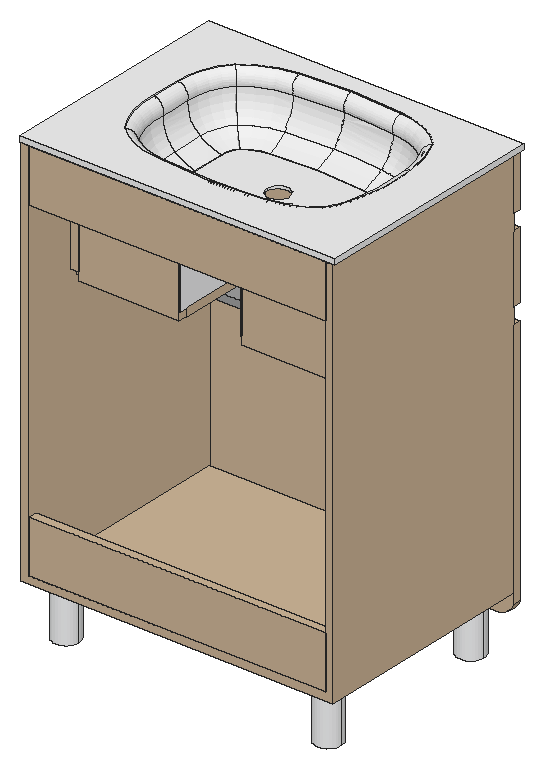
Revit family "604401711_Mueble Aluvia Miel 60x45", category Generic Models, host Wall, Revit 2019
Family settings
  Host = Wall
  Can host rebar = No
  Round Connector Dimension = Use Diameter
  Part Type = Normal
  OmniClass Number = 23.31.13.11
  OmniClass Title = Single Sinks
  Always vertical = Yes
  Cut with Voids When Loaded = No
  Shared = No
  Room Calculation Point = No
Parameters (values of type "Ref. 604401711 Mueble Aluvia Miel Con Lavamanos.")
  URL = "https://corona.co/productos/muebles-para-banos/mueble-aluvia-a-piso/p/604401711"
  Tiempo de Armado = "80 Minutos."  # constant formula
  Textura = "Habano: Poro - Gris: Soft."  # constant formula
  Resistencia al rayado = "700 ciclos."  # constant formula
  Resistencia a la humedad = "8%."  # constant formula
  Profundidad = 445 mm
  Peso Neto aprox = "46,7 lb (21,2 kg)."  # constant formula
  Peso Bruto aprox = "49,4 lb (22,4 kg)."  # constant formula
  Material patas = Corona_Acero
  Material Piezas interiores = Corona_Madera_Aglomerada_Plomo
  Material Pieza en U = Corona_Acero
  Material = Corona_Madera_Aglomerada_Miel
  Manufacturer = "Corona"  # constant formula
  Garantía Madera = "1 año"  # constant formula
  Garantía Herrajes = "1 año"  # constant formula
  Fecha de creación = "21/07/2020"  # constant formula
  Dimensiones Generales (H* W * P) = "33,46” x 23,43” x 17,52” (850 x 595 x 445 mm)."  # constant formula
  Description = "La línea ALUVIA viene a entregar de manera asequible una solución perfecta que combina\r\ndiseño y funcionalidad, ALUVIA se inspira en el movimiento y caída del agua en la\r\nnaturaleza, es por ello de sus formas orgánicas donde podemos obtener un producto\r\ncompacto y de líneas fluidas, que se adapta en espacios pequeños.\r\n· Mueble compacto para espacios pequeños.\r\n· Lavamanos 100% en porcelana.\r\n· Grán capacidad de almacenamiento.\r\n· Resistentes a la Humedad."  # constant formula
  Densidad = "15mm 670 kg./m^3."  # constant formula
  Creado por = "IDD"  # constant formula
  Carga Máxima = "110,2 lb (50 kg)."  # constant formula
  Canto = "PVC rígido 2 mm de calibre.\r\nPVC Flexible 0,5 mm de calibre."  # constant formula
  Ancho = 595 mm
  Alto = 850 mm
Types (3, lengths in mm): name | URL | Material patas | Material Piezas interiores | Material Pieza en U | Material
  Type 1 | "https://corona.co/productos/muebles-para-banos/mueble-aluvia-a-piso/p/604406091" | none | none | none | none
  Ref. 604406091 Mueble Aluvia Habano Con Lavamanos. | "https://corona.co/productos/muebles-para-banos/mueble-aluvia-a-piso/p/604406091" | Corona_Acero | Corona_Madera_Aglomerada_Plomo | Corona_Acero | Corona_Madera_Aglomerada_Habano
  Ref. 604401711 Mueble Aluvia Miel Con Lavamanos. | "https://corona.co/productos/muebles-para-banos/mueble-aluvia-a-piso/p/604401711" | Corona_Acero | Corona_Madera_Aglomerada_Plomo | Corona_Acero | Corona_Madera_Aglomerada_Miel
Reference planes
  plane 1 "Wall": y = 0
  plane 2 "Center (Left/Right)": x = 125
  plane 3 "Back": y = 75
  plane 4: y = 520
  plane 5: x = -172.5
  plane 6: x = 422.5
  plane 7: z = 850
  plane 8: z = 749
  plane 9: z = 719
  plane 10: z = 589
  plane 11: z = 559
  plane 12: z = 59
  plane 13: y = 505
  plane 14: z = 100
  plane 15: x = 407.5
  plane 16: x = -157.5
  plane 17: z = 115
  plane 18: y = 495
  plane 19: z = 320
  plane 20: z = 335
  plane 21: z = 475
  plane 22: z = 490
  plane 23: z = 594
  plane 24: y = 170
  plane 25: y = 155
  plane 26: x = 392.5
  plane 27: x = -142.5
  plane 28: x = -127.5
  plane 29: x = 377.5
  plane 30: z = 609
  plane 31: z = 695
  plane 32: x = 185
  plane 33: x = 65
  plane 34: z = 98
Forms (mm)
  Extrusion 1, solid, material "Corona_Madera_Aglomerada_Miel" <- "Material", detail levels medium+fine
    sketch origin (125, 0, 0) x (0, 1, 0) y (0, 0, 1)
      loop
        line (505, 850) -> (505, 749) -> (520, 749) -> (520, 850) -> (505, 850)
      loop
        line (505, 589) -> (520, 589) -> (520, 719) -> (505, 719) -> (505, 589)
    from -297.5 to 297.5
  Extrusion 2, solid, material "Corona_Madera_Aglomerada_Miel" <- "Material", detail levels medium+fine
    sketch origin (0, 0, 0) x (1, 0, 0) y (0, 0, 1)
      loop
        line (422.5, 100) -> (422.5, 850) -> (-172.5, 850) -> (-172.5, 100) -> (422.5, 100)
    from -505 to -75
  Extrusion 3, void, detail levels medium+fine
    sketch origin (0, 0, 0) x (1, 0, 0) y (0, 0, 1)
      loop
        line (407.5, 850) -> (-157.5, 850) -> (-157.5, 115) -> (407.5, 115) -> (407.5, 850)
    from -505 to -75
  Extrusion 4, solid, material "Corona_Madera_Aglomerada_Miel" <- "Material", detail levels medium+fine
    sketch origin (125, 0, 0) x (0, 1, 0) y (0, 0, 1)
      loop
        line (90, 850) -> (75, 850) -> (75, 749) -> (90, 749) -> (90, 850)
    from -282.5 to 282.5
  Extrusion 5, solid, material "Corona_Madera_Aglomerada_Miel" <- "Material", detail levels medium+fine
    sketch origin (125, 0, -660) x (0, 1, 0) y (0, 0, 1)
      loop
        line (90, 876) -> (75, 876) -> (75, 775) -> (90, 775) -> (90, 876)
    from -282.5 to 282.5
  Extrusion 6, solid, material "Corona_Madera_Aglomerada_Plomo" <- "Material Piezas interiores", detail levels medium+fine
    sketch origin (125, 0, 0) x (0, 1, 0) y (0, 0, 1)
      loop
        line (505, 475) -> (505, 490) -> (404, 490) -> (404, 475) -> (505, 475)
    from -282.5 to 282.5
  Extrusion 7, solid, material "Corona_Madera_Aglomerada_Plomo" <- "Material Piezas interiores", detail levels medium+fine
    sketch origin (125, 5, 962.8) x (0, 0, -1) y (0, 1, 0)
      loop
        line (472.8, 475) -> (472.8, 490) -> (373.8, 490) -> (373.8, 475) -> (472.8, 475)
    from -282.5 to 282.5
  Extrusion 8, solid, material "Corona_Madera_Aglomerada_Miel" <- "Material", detail levels medium+fine
    sketch origin (125, 0, 0) x (0, 1, 0) y (0, 0, 1)
      loop
        line (505, 594) -> (505, 609) -> (170, 609) -> (170, 594) -> (505, 594)
    from -267.5 to 267.5
  Extrusion 9, solid, material "Corona_Madera_Aglomerada_Miel" <- "Material", detail levels medium+fine
    sketch origin (125, 0, 0) x (0, 1, 0) y (0, 0, 1)
      loop
        line (170, 594) -> (170, 695) -> (155, 695) -> (155, 594) -> (170, 594)
    from 60 to 252.5
  Extrusion 10, solid, material "Corona_Madera_Aglomerada_Miel" <- "Material", detail levels medium+fine
    sketch origin (125, 0, 0) x (0, 1, 0) y (0, 0, 1)
      loop
        line (155, 609) -> (505, 609) -> (505, 695) -> (155, 695) -> (155, 609)
    from 252.5 to 267.5
  Extrusion 11, solid, material "Corona_Madera_Aglomerada_Miel" <- "Material", detail levels medium+fine
    sketch origin (-142.5, 0, 0) x (0, 1, 0) y (0, 0, 1)
      loop
        line (155, 609) -> (505, 609) -> (505, 695) -> (155, 695) -> (155, 609)
    from 0 to 15
  Extrusion 12, solid, material "Corona_Madera_Aglomerada_Miel" <- "Material", detail levels medium+fine
    sketch origin (0, 0, 0) x (1, 0, 0) y (0, 0, 1)
      loop
        line (125, 559) -> (125, 59) -> (395.244, 59)
        arc (395.244, 59) -> (412.182, 65.204) -> (422.5, 80) r 30
        line (422.5, 80) -> (422.5, 559) -> (125, 559)
    from -520 to -505
  Extrusion 13, solid, material "Corona_Madera_Aglomerada_Miel" <- "Material", detail levels medium+fine
    sketch origin (250, 0, 0) x (-1, 0, 0) y (0, 0, -1)
      loop
        line (125, -559) -> (422.5, -559) -> (422.5, -80)
        arc (422.5, -80) -> (412.182, -65.204) -> (395.244, -59) r 30
        line (395.244, -59) -> (125, -59) -> (125, -559)
    from -520 to -505
  Extrusion 14, solid, material "Corona_Acero" <- "Material patas", detail levels medium+fine
    sketch origin (0, 0, 0) x (1, 0, 0) y (0, 1, 0)
      loop
        line (342.5, 90) -> (407.5, 90) -> (407.5, 155) -> (342.5, 155) -> (342.5, 90)
      loop
        line (-92.5, 90) -> (-92.5, 155) -> (-157.5, 155) -> (-157.5, 90) -> (-92.5, 90)
      loop
        line (342.5, 430) -> (407.5, 430) -> (407.5, 495) -> (342.5, 495) -> (342.5, 430)
      loop
        line (-92.5, 430) -> (-92.5, 495) -> (-157.5, 495) -> (-157.5, 430) -> (-92.5, 430)
    from 98 to 100
  Extrusion 15, solid, material "Corona_Acero" <- "Material patas", detail levels medium+fine
    sketch origin (0, 0, 0) x (1, 0, 0) y (0, 1, 0)
      loop
        circle (-125, 462.5) r 25
      loop
        circle (375, 462.5) r 25
      loop
        circle (-125, 122.5) r 25
      loop
        circle (375, 122.5) r 25
    from 0 to 98
  Extrusion 16, solid, material "Corona_Madera_Aglomerada_Plomo" <- "Material Piezas interiores", detail levels medium+fine
    sketch origin (125, 5, 1167.8) x (0, 0, -1) y (0, 1, 0)
      loop
        line (472.8, 475) -> (472.8, 490) -> (373.8, 490) -> (373.8, 475) -> (472.8, 475)
    from -282.5 to 282.5
  Extrusion 17, solid, material "Corona_Madera_Aglomerada_Miel" <- "Material", detail levels medium+fine
    sketch origin (-55, 0, 0) x (0, 1, 0) y (0, 0, 1)
      loop
        line (170, 594) -> (170, 695) -> (155, 695) -> (155, 594) -> (170, 594)
    from -72.5 to 120
  Extrusion 18, solid, material "Corona_Acero" <- "Material Pieza en U", detail levels medium+fine
    sketch origin (0, 0, 0) x (1, 0, 0) y (0, 1, 0)
      loop
        line (65, 354) -> (65, 155) -> (67, 155) -> (67, 354)
        arc (67, 354) -> (125, 412) -> (183, 354) r 58
        line (183, 354) -> (183, 155) -> (185, 155) -> (185, 354)
        arc (185, 354) -> (125, 414) -> (65, 354) r 60
    from 609 to 695
  Extrusion 19, void, detail levels medium+fine
    sketch origin (0, 0, 0) x (1, 0, 0) y (0, 1, 0)
      loop
        line (67, 354) -> (67, 155) -> (183, 155) -> (183, 354)
        arc (183, 354) -> (125, 412) -> (67, 354) r 58
    from 594 to 695
  Extrusion 20, solid, material "Corona_Madera_Aglomerada_Miel" <- "Material", detail levels coarse
    sketch origin (0, 0, 0) x (1, 0, 0) y (0, 0, 1)
      loop
        line (-172.5, 850) -> (-172.5, 0) -> (422.5, 0) -> (422.5, 850) -> (-172.5, 850)
    from -520 to -75
Cuts and joins
  Extrusion 3, Extrusion 19 cuts Extrusion 2
  Extrusion 19 cuts Extrusion 8
Text (mm)
  text "Placement Side" at (-1848.837, 1116.779, 0), in view "Ref. Level"
  text "Placement side" at (0, 1409.804, 2854.306), in view "Left"
  text "Placement side" at (0, 499.811, 2980.732), in view "Right"
Dimensions and locks
  locked: plane 3 "Back" to host wall
  equal spacing: plane 5, plane 2 "Center (Left/Right)", plane 6
  "Ancho": plane 5 to plane 6
  "Profundidad": plane 3 "Back" to plane 4
  "Alto": level to plane 7
  plane 8 to plane 7 = 101 mm
  plane 7 to level = 850 mm
  plane 7 to plane 8 = 101 mm
  plane 9 to plane 10 = 130 mm
  plane 11 to plane 12 = 500 mm
  plane 4 to host wall = 445 mm
  plane 4 to plane 13 = 15 mm
  plane 17 to level = 115 mm
  plane 19 to plane 17 = 205 mm
  plane 21 to plane 17 = 360 mm
  plane 13 to plane 24 = 335 mm
  plane 13 to plane 25 = 350 mm
  plane 31 to plane 30 = 86 mm
  plane 6 to plane 5 = 595 mm  (x2)
  aligned and locked: plane 1 "Wall" to host wall
  aligned and locked: plane 8 to Extrusion 1 sketch curve
  aligned and locked: Extrusion 1 sketch curve to plane 4
  aligned and locked: Extrusion 1 sketch curve to plane 10
  aligned and locked: Extrusion 1 sketch curve to plane 13
  aligned and locked: plane 9 to Extrusion 1 sketch curve
  aligned and locked: plane 4 to Extrusion 1 sketch curve
  aligned and locked: plane 14 to Extrusion 2 sketch curve
  aligned and locked: Extrusion 2 sketch curve to plane 7
  aligned and locked: Extrusion 2 sketch curve to Extrusion 1
  aligned and locked: plane 6 to Extrusion 2 sketch curve
  aligned and locked: Extrusion 3 sketch curve to Extrusion 1
  aligned and locked: plane 17 to Extrusion 3 sketch curve
  aligned and locked: plane 16 to Extrusion 3 sketch curve
  aligned and locked: Extrusion 3 sketch curve to plane 15
  aligned and locked: plane 13 to Extrusion 2
  aligned and locked: Extrusion 2 to host wall
  aligned and locked: plane 13 to Extrusion 3
  aligned and locked: Extrusion 3 to host wall
  aligned and locked: Extrusion 4 sketch curve to plane 8
  aligned and locked: plane 7 to Extrusion 4 sketch curve
  aligned and locked: Extrusion 4 sketch curve to host wall
  aligned and locked: Extrusion 4 to plane 16
  aligned and locked: plane 15 to Extrusion 4
  aligned and locked: Extrusion 5 to host wall
  aligned and locked: Extrusion 5 to plane 17
  aligned and locked: Extrusion 5 to plane 16
  aligned and locked: plane 15 to Extrusion 5
  aligned and locked: Extrusion 6 sketch curve to plane 22
  aligned and locked: plane 21 to Extrusion 6 sketch curve
  aligned and locked: Extrusion 6 sketch curve to plane 13
  aligned and locked: Extrusion 6 to plane 16
  aligned and locked: plane 15 to Extrusion 6
  aligned and locked: plane 18 to Extrusion 7
  aligned and locked: Extrusion 7 to plane 22
  aligned and locked: plane 10 to Extrusion 7
  aligned and locked: plane 23 to Extrusion 8 sketch curve
  aligned and locked: Extrusion 8 sketch curve to plane 13
  aligned and locked: Extrusion 8 to plane 24
  aligned and locked: plane 25 to Extrusion 9 sketch curve
  aligned and locked: Extrusion 9 sketch curve to plane 24
  aligned and locked: plane 23 to Extrusion 9 sketch curve
  aligned and locked: plane 29 to Extrusion 9
  aligned and locked: Extrusion 10 sketch curve to Extrusion 9
  aligned and locked: plane 30 to Extrusion 8
  aligned and locked: plane 31 to Extrusion 10
  aligned and locked: Extrusion 10 to Extrusion 9
  aligned and locked: Extrusion 10 to Extrusion 8
  aligned and locked: Extrusion 8 to Extrusion 11
  aligned and locked: Extrusion 11 to Extrusion 9
  aligned and locked: Extrusion 11 to Extrusion 8
  aligned and locked: Extrusion 11 to plane 25
  aligned and locked: plane 13 to Extrusion 11
  aligned and locked: Extrusion 11 to Extrusion 10
  aligned and locked: Extrusion 10 to plane 25
  aligned and locked: Extrusion 12 sketch curve to plane 11
  aligned and locked: plane 2 "Center (Left/Right)" to Extrusion 12 sketch curve
  aligned and locked: Extrusion 12 sketch curve to plane 6
  aligned and locked: Extrusion 12 sketch curve to plane 12
  aligned and locked: Extrusion 13 sketch curve to plane 12
  aligned and locked: Extrusion 13 sketch curve to plane 2 "Center (Left/Right)"
  aligned and locked: Extrusion 13 sketch curve to plane 11
  aligned and locked: plane 5 to Extrusion 13 sketch curve
  aligned and locked: plane 4 to Extrusion 13
  aligned and locked: Extrusion 13 to plane 13
  aligned and locked: plane 4 to Extrusion 12
  aligned and locked: Extrusion 12 to plane 13
  aligned and locked: plane 25 to Extrusion 14 sketch curve
  aligned and locked: Extrusion 14 sketch curve to Extrusion 4
  aligned and locked: plane 16 to Extrusion 14 sketch curve
  aligned and locked: Extrusion 14 sketch curve to plane 25
  aligned and locked: Extrusion 14 sketch curve to Extrusion 14 sketch curve  (x2)
  aligned and locked: Extrusion 14 sketch curve to plane 18
  aligned and locked: plane 18 to Extrusion 14 sketch curve
  aligned and locked: plane 15 to Extrusion 14 sketch curve
  aligned and locked: plane 14 to Extrusion 14
  aligned and locked: Extrusion 14 to plane 34
  aligned and locked: Extrusion 15 to Extrusion 14
  aligned and locked: Extrusion 15 to level
  aligned and locked: plane 18 to Extrusion 16
  aligned and locked: Extrusion 16 to Extrusion 10
  aligned and locked: Extrusion 9 to plane 32
  aligned and locked: plane 33 to Extrusion 17
  aligned and locked: Extrusion 17 to plane 28
  aligned and locked: Extrusion 18 to Extrusion 8
  aligned and locked: Extrusion 18 to Extrusion 19 sketch curve
  aligned and locked: Extrusion 19 to Extrusion 9
  aligned and locked: Extrusion 19 to plane 23
  aligned and locked: Extrusion 18 to Extrusion 9
  aligned and locked: Extrusion 20 sketch curve to Extrusion 1
  aligned and locked: Extrusion 20 sketch curve to cut or joined group of Extrusion 2, Extrusion 3, Extrusion 19
  aligned and locked: level to Extrusion 20 sketch curve
  aligned and locked: Extrusion 20 sketch curve to plane 6
  aligned and locked: plane 4 to Extrusion 20
  aligned and locked: Extrusion 20 to host wall
Automatic sketch dimensions
  Extrusion 1 sketch curve to plane 7 = 0 mm
  Extrusion 1 sketch curve to plane 13 = 0 mm
  Extrusion 4 sketch curve to Extrusion 4 sketch curve = 15 mm
  Extrusion 5 sketch curve to host wall = 0 mm
  Extrusion 5 sketch curve to plane 17 = 0 mm
  host wall to Extrusion 5 sketch curve = 15 mm
  Extrusion 5 sketch curve to Extrusion 5 sketch curve = 101 mm
  Extrusion 6 sketch curve to plane 18 = 91 mm
  Extrusion 7 sketch curve to plane 10 = 0 mm
  Extrusion 7 sketch curve to plane 18 = 0 mm
  Extrusion 7 sketch curve to plane 22 = 0 mm
  Extrusion 7 sketch curve to plane 18 = 15 mm
  Extrusion 8 sketch curve to plane 24 = 0 mm
  Extrusion 8 sketch curve to plane 30 = 0 mm
  Extrusion 9 sketch curve to plane 31 = 0 mm
  Extrusion 10 sketch curve to plane 25 = 0 mm
  Extrusion 10 sketch curve to plane 13 = 0 mm
  Extrusion 10 sketch curve to plane 30 = 0 mm
  Extrusion 11 sketch curve to plane 25 = 0 mm
  Extrusion 11 sketch curve to plane 13 = 0 mm
  Extrusion 11 sketch curve to plane 30 = 0 mm
  Extrusion 11 sketch curve to plane 31 = 0 mm
  plane 26 to Extrusion 12 sketch curve = 1.372 mm
  plane 26 to Extrusion 12 sketch curve = 2.744 mm
  plane 12 to Extrusion 12 sketch curve = 21 mm
  plane 27 to Extrusion 13 sketch curve = 1.372 mm
  plane 27 to Extrusion 13 sketch curve = 2.744 mm
  Extrusion 13 sketch curve to plane 12 = 21 mm
  Extrusion 14 sketch curve to plane 16 = 0 mm
  Extrusion 14 sketch curve to plane 15 = 0 mm
  plane 28 to Extrusion 14 sketch curve = 35 mm  (x2)
  Extrusion 14 sketch curve to plane 29 = 35 mm  (x2)
  Extrusion 14 sketch curve to plane 18 = 65 mm
  plane 28 to Extrusion 15 sketch curve = 2.5 mm  (x2)
  Extrusion 15 sketch curve to plane 29 = 2.5 mm  (x2)
  Extrusion 15 sketch curve to plane 25 = 32.5 mm  (x2)
  Extrusion 15 sketch curve to plane 18 = 32.5 mm  (x2)
  Extrusion 16 sketch curve to plane 18 = 0 mm
  Extrusion 16 sketch curve to plane 31 = 0 mm
  plane 8 to Extrusion 16 sketch curve = 45 mm
  Extrusion 16 sketch curve to plane 18 = 15 mm
  Extrusion 17 sketch curve to plane 23 = 0 mm
  Extrusion 17 sketch curve to plane 25 = 0 mm
  Extrusion 17 sketch curve to plane 24 = 0 mm
  Extrusion 17 sketch curve to plane 31 = 0 mm
  Extrusion 18 sketch curve to Extrusion 18 sketch curve = 0 mm  (x2)
  Extrusion 18 sketch curve to plane 33 = 0 mm
  Extrusion 18 sketch curve to plane 25 = 0 mm  (x2)
  Extrusion 18 sketch curve to plane 2 "Center (Left/Right)" = 0 mm
  Extrusion 18 sketch curve to Extrusion 18 sketch curve = 2 mm
  Extrusion 18 sketch curve to plane 18 = 141 mm
  Extrusion 19 sketch curve to plane 2 "Center (Left/Right)" = 0 mm
  plane 33 to Extrusion 19 sketch curve = 2 mm
  Extrusion 19 sketch curve to plane 18 = 141 mm
  radius of Extrusion 15 sketch curve = 25 mm  (x4)
Nested families
  nested 1: "Family3" at (125, 520, 0) x (-1, 0, 0) z (0, 0, 1), type "Family3"
  nested 2: "Family4" at (125, 0, 0) x (1, 0, 0) z (0, -1, 0), type "Family4"
  nested 3: "Family5" at (125, 75, 0) x (0, -1, 0) z (1, 0, 0), type "Family5"
  nested 4: "Family6" at (125.426, 525, 860) x (-1, 0, 0) z (0, 0, 1), type "Family6", detail levels medium+fine
Definition of nested family "Family6"
  Parameters (values of type "Family6")
    Material = none
    Manufacturer = "Corona"  # constant formula
    Fecha de creación = "21/07/2020"  # constant formula
    Creado por = "IDD"  # constant formula
    Alto = 124 mm
  Reference planes
    plane 1 "Center (Front/Back)": y = 0
    plane 2: z = 0
    plane 3 "Center (Left/Right)": x = 0
    plane 4: z = -124
    plane 5: x = -300
    plane 6: x = 300
    plane 7 "Center L/S": y = 450
  Forms (mm)
    Sweep 1, solid, material <- "Material"
      path origin (0, 0, 0) x (1, 0, 0) y (0, 1, 0)
        loop
          arc (-100.824, 374.741) -> (-137.716, 367.149) -> (-172.547, 352.814) r 201.216
          arc (-172.547, 352.814) -> (-194.245, 329.514) -> (-207.72, 300.667) r 102.196
          arc (-207.72, 300.667) -> (-220.123, 233.995) -> (-219.486, 166.181) r 351.33
          arc (-219.486, 166.181) -> (-210.946, 124.35) -> (-194.634, 84.895) r 224.286
          arc (-194.634, 84.895) -> (-151.333, 53.53) -> (-99.472, 40.52) r 141.159
          arc (-99.472, 40.52) -> (-49.817, 36.305) -> (0, 35.018) r 846.884
          arc (0, 35.018) -> (47.71, 36.535) -> (95.26, 40.738) r 846.884
          arc (95.26, 40.738) -> (144.14, 53.228) -> (187.978, 78.199) r 189.075
          arc (187.978, 78.199) -> (213.947, 121.956) -> (222.18, 172.168) r 137.177
          arc (222.18, 172.168) -> (221.915, 200.672) -> (222.488, 229.171) r 968.579
          arc (222.488, 229.171) -> (216.892, 283.034) -> (194.807, 332.48) r 171.794
          arc (194.807, 332.48) -> (152.978, 361.088) -> (104.176, 374.741) r 155.624
          arc (104.176, 374.741) -> (1.676, 380.346) -> (-100.824, 374.741) r 940.142
      profile origin (1.676, 380.346, 0) x (0, 1, 0) y (0, 0, 1)
        loop
          line (0, -5) -> (0, -0.962)
          arc (0, -0.962) -> (-15.38, -10.48) -> (-18.203, -28.345) r 21.695
          arc (-18.203, -28.345) -> (-24.212, -57.146) -> (-41.685, -80.817) r 68.918
          arc (-41.685, -80.817) -> (-61.172, -91.456) -> (-82.071, -98.946) r 142.834
          line (-82.071, -98.946) -> (-82.071, -103.088)
          arc (-82.071, -103.088) -> (-59.902, -95.27) -> (-39.265, -84.014) r 146.834
          arc (-39.265, -84.014) -> (-20.504, -58.653) -> (-14.21, -27.741) r 72.918
          arc (-14.21, -27.741) -> (-12.319, -13.113) -> (0, -5) r 17.695
    Extrusion 2, solid, material <- "Material"
      sketch origin (0, 0, 0) x (1, 0, 0) y (0, 1, 0)
        loop
          line (-300, 450) -> (-300, 0) -> (300, 0) -> (300, 450) -> (-300, 450)
        loop
          arc (-100.824, 374.741) -> (-137.716, 367.149) -> (-172.547, 352.814) r 201.216
          arc (-172.547, 352.814) -> (-194.245, 329.514) -> (-207.72, 300.667) r 102.196
          arc (-207.72, 300.667) -> (-220.123, 233.995) -> (-219.486, 166.181) r 351.33
          arc (-219.486, 166.181) -> (-210.946, 124.35) -> (-194.634, 84.895) r 224.286
          arc (-194.634, 84.895) -> (-151.333, 53.53) -> (-99.472, 40.52) r 141.159
          arc (-99.472, 40.52) -> (-49.817, 36.305) -> (0, 35.018) r 846.884
          arc (0, 35.018) -> (47.71, 36.535) -> (95.26, 40.738) r 846.884
          arc (95.26, 40.738) -> (144.14, 53.228) -> (187.978, 78.199) r 189.075
          arc (187.978, 78.199) -> (213.947, 121.956) -> (222.18, 172.168) r 137.177
          arc (222.18, 172.168) -> (221.915, 200.672) -> (222.488, 229.171) r 968.579
          arc (222.488, 229.171) -> (216.892, 283.034) -> (194.807, 332.48) r 171.794
          arc (194.807, 332.48) -> (152.978, 361.088) -> (104.176, 374.741) r 155.624
          arc (104.176, 374.741) -> (1.676, 380.346) -> (-100.824, 374.741) r 940.142
      from -10 to 0
    Extrusion 3, solid, material <- "Material"
      sketch origin (0, 0, 0) x (1, 0, 0) y (0, 1, 0)
        loop
          arc (-91.876, 293.16) -> (-109.142, 289.964) -> (-125.751, 284.266) r 119.145
          arc (-125.751, 284.266) -> (-127.584, 281.24) -> (-128.859, 277.94) r 20.125
          arc (-128.859, 277.94) -> (-138.365, 226.842) -> (-137.876, 174.869) r 269.259
          arc (-137.876, 174.869) -> (-134.125, 154.238) -> (-127.381, 134.383) r 142.215
          arc (-127.381, 134.383) -> (-111.13, 125.67) -> (-92.984, 122.39) r 59.088
          arc (-92.984, 122.39) -> (-46.72, 118.332) -> (-0.295, 117.089) r 764.813
          arc (-0.295, 117.089) -> (42.792, 118.459) -> (85.733, 122.254) r 764.813
          arc (85.733, 122.254) -> (109.251, 127.747) -> (130.939, 138.375) r 107.004
          arc (130.939, 138.375) -> (137.984, 153.579) -> (140.133, 170.197) r 55.106
          arc (140.133, 170.197) -> (139.848, 201.598) -> (140.501, 232.993) r 1050.65
          arc (140.501, 232.993) -> (138.82, 256.718) -> (130.965, 279.167) r 89.723
          arc (130.965, 279.167) -> (114.025, 288.535) -> (95.228, 293.16) r 73.553
          arc (95.228, 293.16) -> (1.676, 298.275) -> (-91.876, 293.16) r 858.071
        loop
          circle (1.676, 207.687) r 21.5
      from -103.088 to -98.946
  Dimensions and locks
    aligned and locked: level to plane 2
    aligned and locked: level to Extrusion 2
Definition of nested family "Family3"
  Reference planes
    plane 1 "Center (Front/Back)": y = 0
    plane 2: z = 0
    plane 3 "Center (Left/Right)": x = 0
  Lines and regions (mm)
    detail lines, in view "Ref. Level"
      curve 1: line (-297.5, 445, 0) -> (297.5, 445, 0)
      curve 2: line (297.5, 445, 0) -> (297.5, 0, 0)
      curve 3: line (297.5, 0, 0) -> (-297.5, 0, 0)
      curve 4: line (-297.5, 0, 0) -> (-297.5, 445, 0)
      curve 5: line (-282.5, 430, 0) -> (282.5, 430, 0)
      curve 6: line (297.5, 15, 0) -> (-297.5, 15, 0)
      curve 7: line (282.5, 445, 0) -> (282.5, 15, 0)
      curve 8: line (-282.5, 15, 0) -> (-282.5, 445, 0)
      curve 9: line (267.5, 365, 0) -> (267.5, 15, 0)
      curve 10: line (252.5, 350, 0) -> (252.5, 15, 0)
      curve 11: line (-267.5, 365, 0) -> (-267.5, 15, 0)
      curve 12: line (-252.5, 350, 0) -> (-252.5, 15, 0)
      curve 13: line (267.5, 365, 0) -> (-267.5, 365, 0)
      curve 14: line (267.5, 350, 0) -> (-267.5, 350, 0)
      curve 15: line (60, 163.319, 0) -> (60, 365, 0)
      curve 16: line (-60, 163.319, 0) -> (-60, 365, 0)
      curve 17: line (282.5, 25, 0) -> (-282.5, 25, 0)
      curve 18: line (282.5, 40, 0) -> (-282.5, 40, 0)
      curve 19: arc (-60, 166, 0) -> (0, 106, 0) -> (60, 166, 0) r 60
      curve 20: line (-217.5, 365, 0) -> (-282.5, 365, 0)
      curve 21: line (-217.5, 430, 0) -> (-217.5, 365, 0)
      curve 22: line (-282.5, 365, 0) -> (-282.5, 430, 0)
      curve 23: line (-282.5, 430, 0) -> (-217.5, 430, 0)
      curve 24: line (217.5, 430, 0) -> (217.5, 365, 0)
      curve 25: line (217.5, 365, 0) -> (282.5, 365, 0)
      curve 26: line (282.5, 430, 0) -> (282.5, 365, 0)
      curve 27: line (282.5, 430, 0) -> (217.5, 430, 0)
      curve 28: line (-217.5, 90, 0) -> (-282.5, 90, 0)
      curve 29: line (-217.5, 25, 0) -> (-217.5, 90, 0)
      curve 30: line (-282.5, 90, 0) -> (-282.5, 25, 0)
      curve 31: line (-282.5, 25, 0) -> (-217.5, 25, 0)
      curve 32: line (217.5, 25, 0) -> (217.5, 90, 0)
      curve 33: line (217.5, 90, 0) -> (282.5, 90, 0)
      curve 34: line (282.5, 25, 0) -> (282.5, 90, 0)
      curve 35: line (282.5, 25, 0) -> (217.5, 25, 0)
      curve 36: arc (-275, 397.5, 0) -> (-250, 372.5, 0) -> (-225, 397.5, 0) r 25
      curve 37: arc (-225, 397.5, 0) -> (-250, 422.5, 0) -> (-275, 397.5, 0) r 25
      curve 38: arc (225, 397.5, 0) -> (250, 372.5, 0) -> (275, 397.5, 0) r 25
      curve 39: arc (275, 397.5, 0) -> (250, 422.5, 0) -> (225, 397.5, 0) r 25
      curve 40: arc (-275, 57.5, 0) -> (-250, 82.5, 0) -> (-225, 57.5, 0) r 25
      curve 41: arc (-225, 57.5, 0) -> (-250, 32.5, 0) -> (-275, 57.5, 0) r 25
      curve 42: arc (225, 57.5, 0) -> (250, 82.5, 0) -> (275, 57.5, 0) r 25
      curve 43: arc (275, 57.5, 0) -> (250, 32.5, 0) -> (225, 57.5, 0) r 25
Definition of nested family "Family4"
  Reference planes
    plane 1 "Center (Front/Back)": y = 0
    plane 2: z = 0
    plane 3 "Center (Left/Right)": x = 0
  Lines and regions (mm)
    detail lines, in view "Ref. Level"
      curve 1: line (-297.5, 850, 0) -> (297.5, 850, 0)
      curve 2: line (-297.5, 850, 0) -> (-297.5, 59, 0)
      curve 3: line (297.5, 59, 0) -> (297.5, 850, 0)
      curve 4: line (-297.5, 59, 0) -> (297.5, 59, 0)
      curve 5: line (-297.5, 100, 0) -> (297.5, 100, 0)
      curve 6: line (-1.5, 559, 0) -> (-1.5, 59, 0)
      curve 7: line (-297.5, 559, 0) -> (297.5, 559, 0)
      curve 8: line (-297.5, 589, 0) -> (297.5, 589, 0)
      curve 9: line (-297.5, 719, 0) -> (297.5, 719, 0)
      curve 10: line (-297.5, 749, 0) -> (297.5, 749, 0)
      curve 11: line (-297.5, 115, 0) -> (297.5, 115, 0)
      curve 12: line (282.5, 115, 0) -> (282.5, 850, 0)
      curve 13: line (-282.5, 115, 0) -> (-282.5, 850, 0)
      curve 14: line (-282.5, 320, 0) -> (282.5, 320, 0)
      curve 15: line (-282.5, 335, 0) -> (282.5, 335, 0)
      curve 16: line (-282.5, 475, 0) -> (282.5, 475, 0)
      curve 17: line (-282.5, 490, 0) -> (282.5, 490, 0)
      curve 18: line (-275.6, 100, 0) -> (-275.6, 0, 0)
      curve 19: line (-225.6, 100, 0) -> (-225.6, 0, 0)
      curve 20: line (-275.6, 0, 0) -> (-225.6, 0, 0)
      curve 21: line (275.6, 100, 0) -> (275.6, 0, 0)
      curve 22: line (225.6, 100, 0) -> (225.6, 0, 0)
      curve 23: line (275.6, 0, 0) -> (225.6, 0, 0)
      curve 24: line (-282.5, 216, 0) -> (282.5, 216, 0)
      curve 25: line (-267.5, 594, 0) -> (267.5, 594, 0)
      curve 26: line (-267.5, 609, 0) -> (267.5, 609, 0)
      curve 27: line (-267.5, 594, 0) -> (-267.5, 609, 0)
      curve 28: line (-267.5, 609, 0) -> (-267.5, 695, 0)
      curve 29: line (-267.5, 695, 0) -> (267.5, 695, 0)
      curve 30: line (267.5, 695, 0) -> (267.5, 594, 0)
      curve 31: line (-252.5, 609, 0) -> (-252.5, 695, 0)
      curve 32: line (252.5, 609, 0) -> (252.5, 695, 0)
      curve 33: line (56.5, 695, 0) -> (56.5, 609, 0)
      curve 34: line (58.5, 695, 0) -> (58.5, 609, 0)
      curve 35: line (-56.5, 695, 0) -> (-56.5, 609, 0)
      curve 36: line (-58.5, 695, 0) -> (-58.5, 609, 0)
      curve 37: line (-282.5, 794, 0) -> (282.5, 794, 0)
Definition of nested family "Family5"
  Reference planes
    plane 1 "Center (Front/Back)": y = 0
    plane 2: z = 0
    plane 3 "Center (Left/Right)": x = 0
  Lines and regions (mm)
    detail lines, in view "Ref. Level"
      curve 1: line (-445, 59, 0) -> (-445, 850, 0)
      curve 2: line (-445, 850, 0) -> (0, 850, 0)
      curve 3: line (0, 850, 0) -> (0, 100, 0)
      curve 4: line (0, 100, 0) -> (-445, 100, 0)
      curve 5: line (-430, 59, 0) -> (-445, 59, 0)
      curve 6: line (-430, 59, 0) -> (-430, 850, 0)
      curve 7: line (0, 115, 0) -> (-430, 115, 0)
      curve 8: line (-22.5, 100, 0) -> (-22.5, 0, 0)
      curve 9: line (-72.5, 100, 0) -> (-72.5, 0, 0)
      curve 10: line (-72.5, 0, 0) -> (-22.5, 0, 0)
      curve 11: line (-362.5, 100, 0) -> (-362.5, 0, 0)
      curve 12: line (-412.5, 100, 0) -> (-412.5, 0, 0)
      curve 13: line (-412.5, 0, 0) -> (-362.5, 0, 0)
      curve 14: line (-15, 115, 0) -> (-15, 216, 0)
      curve 15: line (-15, 216, 0) -> (0, 216, 0)
      curve 16: line (-15, 749, 0) -> (-15, 850, 0)
      curve 17: line (-15, 749, 0) -> (0, 749, 0)
      curve 18: line (0, 320, 0) -> (-430, 320, 0)
      curve 19: line (0, 335, 0) -> (-430, 335, 0)
      curve 20: line (-329, 475, 0) -> (-430, 475, 0)
      curve 21: line (-329, 490, 0) -> (-430, 490, 0)
      curve 22: line (-80, 594, 0) -> (-430, 594, 0)
      curve 23: line (-95, 609, 0) -> (-430, 609, 0)
      curve 24: line (-80, 695, 0) -> (-430, 695, 0)
      curve 25: line (-329, 490, 0) -> (-329, 475, 0)
      curve 26: line (-420, 490, 0) -> (-420, 589, 0)
      curve 27: line (-405, 490, 0) -> (-405, 589, 0)
      curve 28: line (-405, 589, 0) -> (-420, 589, 0)
      curve 29: line (-95, 594, 0) -> (-95, 695, 0)
      curve 30: line (-80, 594, 0) -> (-80, 695, 0)
      curve 31: line (-420, 695, 0) -> (-420, 794, 0)
      curve 32: line (-405, 695, 0) -> (-405, 794, 0)
      curve 33: line (-405, 794, 0) -> (-420, 794, 0)
